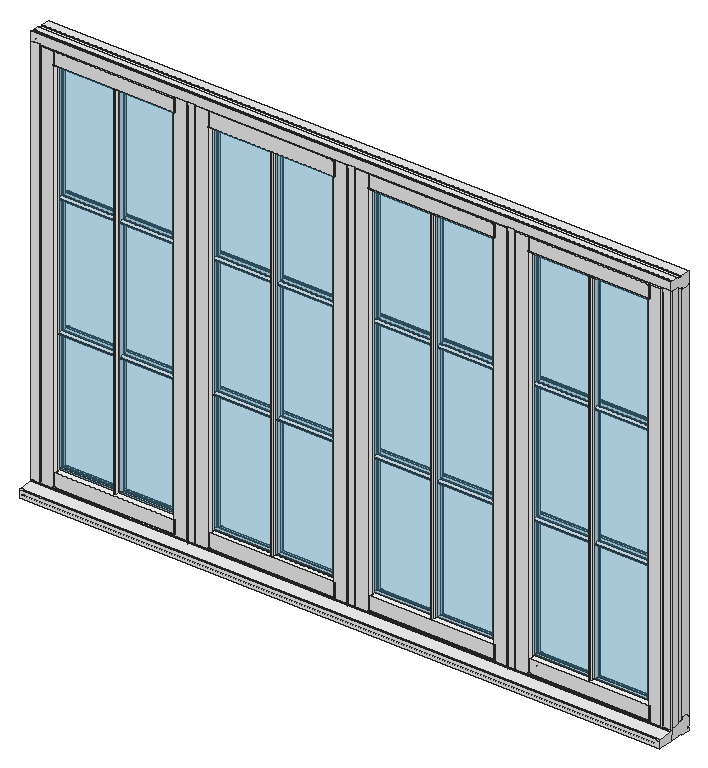
Revit family "C4-6P", category Windows, host Wall, Revit 2012 (continued)
Automatic sketch dimensions
  Sweep 12 sketch curve to Sweep 12 sketch curve = 3 mm  (x6)
  Sweep 12 sketch curve to Sweep 12 sketch curve = 25 mm
  Sweep 12 sketch curve to Sweep 12 sketch curve = 25.006 mm
  Sweep 12 sketch curve to Sweep 12 sketch curve = 32.364 mm
  Sweep 12 sketch curve to Sweep 12 sketch curve = 2 mm  (x2)
  profile plane to Sweep 12 sketch curve = 6 mm
  Sweep 12 sketch curve to profile plane = 17 mm
  Sweep 12 sketch curve to Sweep 12 sketch curve = 0 mm
  Sweep 12 sketch curve to Sweep 12 sketch curve = 6 mm
  Sweep 12 sketch curve to Sweep 12 sketch curve = 10 mm  (x2)
  Sweep 12 sketch curve to Sweep 12 sketch curve = 11 mm
  level to Sweep 12 sketch curve = 909.4 mm
  Sweep 12 sketch curve to Sweep 12 sketch curve = 30 mm
  Sweep 12 sketch curve to Sweep 12 sketch curve = 3.001 mm
  Sweep 12 sketch curve to Sweep 12 sketch curve = 4.022 mm
  Sweep 12 sketch curve to Sweep 12 sketch curve = 5 mm  (x2)
  Sweep 12 sketch curve to Sweep 12 sketch curve = 1 mm  (x2)
  plane 1 "Center (Front/Back)" to Sweep 13 sketch curve = 0 mm
  Sweep 13 sketch curve to plane 4 "Left" = 0 mm
  Sweep 13 sketch curve to plane 5 "Right" = 0 mm
  profile plane to Sweep 13 sketch curve = 58 mm
  Sweep 13 sketch curve to Sweep 13 sketch curve = 11 mm
  Sweep 13 sketch curve to Sweep 13 sketch curve = 3.005 mm
  Sweep 13 sketch curve to Sweep 13 sketch curve = 0.995 mm
  Sweep 13 sketch curve to Sweep 13 sketch curve = 2.995 mm
  Sweep 13 sketch curve to Sweep 13 sketch curve = 6.921 mm
  Sweep 13 sketch curve to Sweep 13 sketch curve = 2.353 mm
  Sweep 13 sketch curve to Sweep 13 sketch curve = 0.647 mm
  profile plane to Sweep 13 sketch curve = 7 mm
  Sweep 13 sketch curve to profile plane = 1 mm
  Sweep 13 sketch curve to Sweep 13 sketch curve = 3 mm  (x3)
  Sweep 13 sketch curve to Sweep 13 sketch curve = 10 mm  (x3)
  Sweep 13 sketch curve to Sweep 13 sketch curve = 4 mm
  Sweep 13 sketch curve to Sweep 13 sketch curve = 16 mm
  level to Sweep 13 sketch curve = 2628.4 mm
  Sweep 13 sketch curve to Sweep 13 sketch curve = 12 mm
  Sweep 13 sketch curve to Sweep 13 sketch curve = 0 mm  (x3)
  Sweep 13 sketch curve to Sweep 13 sketch curve = 8 mm  (x2)
  Sweep 13 sketch curve to Sweep 13 sketch curve = 2.83 mm
  Sweep 13 sketch curve to Sweep 13 sketch curve = 50 mm
  profile plane to Sweep 14 sketch curve = 10 mm  (x2)
  Sweep 14 sketch curve to Sweep 14 sketch curve = 2 mm  (x5)
  profile plane to Sweep 14 sketch curve = 2.5 mm
  profile plane to Sweep 14 sketch curve = 2.449 mm
  profile plane to Sweep 14 sketch curve = 0.964 mm
  Sweep 14 sketch curve to profile plane = 0.964 mm
  Sweep 14 sketch curve to profile plane = 2.5 mm
  Sweep 14 sketch curve to profile plane = 2.551 mm
  Sweep 14 sketch curve to Sweep 14 sketch curve = 7.036 mm
  Sweep 14 sketch curve to profile plane = 10 mm
  Sweep 14 sketch curve to plane 1 "Center (Front/Back)" = 28.711 mm
  Sweep 14 sketch curve to Sweep 14 sketch curve = 7.5 mm
  Sweep 14 sketch curve to Sweep 14 sketch curve = 0.807 mm
  Sweep 14 sketch curve to Sweep 14 sketch curve = 2.5 mm  (x2)
  Sweep 14 sketch curve to Sweep 14 sketch curve = 6 mm
  plane 1 "Center (Front/Back)" to Sweep 14 sketch curve = 15.578 mm
  Sweep 14 sketch curve to Sweep 14 sketch curve = 2.8 mm
  Sweep 14 sketch curve to Sweep 14 sketch curve = 8.154 mm
  Sweep 14 sketch curve to Sweep 14 sketch curve = 0 mm
  profile plane to Sweep 15 sketch curve = 10 mm
  Sweep 15 sketch curve to profile plane = 10 mm
  Sweep 15 sketch curve to plane 1 "Center (Front/Back)" = 5.465 mm
  plane 1 "Center (Front/Back)" to Sweep 15 sketch curve = 10.535 mm
  profile plane to Sweep 16 sketch curve = 21 mm
  Sweep 16 sketch curve to plane 1 "Center (Front/Back)" = 47 mm
  Sweep 16 sketch curve to Sweep 16 sketch curve = 3 mm  (x3)
  Sweep 16 sketch curve to Sweep 16 sketch curve = 10 mm  (x2)
  Sweep 16 sketch curve to Sweep 16 sketch curve = 16 mm  (x2)
  Sweep 16 sketch curve to Sweep 16 sketch curve = 4 mm  (x3)
  Sweep 16 sketch curve to plane 1 "Center (Front/Back)" = 4 mm  (x2)
  Sweep 16 sketch curve to plane 1 "Center (Front/Back)" = 1 mm  (x2)
  plane 1 "Center (Front/Back)" to Sweep 16 sketch curve = 7 mm  (x2)
  Sweep 16 sketch curve to profile plane = 12 mm
  Sweep 16 sketch curve to Sweep 16 sketch curve = 25 mm  (x2)
  Sweep 16 sketch curve to Sweep 16 sketch curve = 2 mm  (x5)
  Sweep 16 sketch curve to Sweep 16 sketch curve = 7 mm  (x2)
  Sweep 16 sketch curve to Sweep 16 sketch curve = 12 mm  (x2)
  profile plane to Sweep 16 sketch curve = 14 mm
  Sweep 16 sketch curve to Sweep 16 sketch curve = 6 mm  (x3)
  Sweep 16 sketch curve to Sweep 16 sketch curve = 8 mm  (x2)
  Sweep 16 sketch curve to Sweep 16 sketch curve = 1 mm  (x3)
  Sweep 16 sketch curve to profile plane = 14 mm
  Sweep 16 sketch curve to Sweep 16 sketch curve = 0 mm
  Sweep 16 sketch curve to profile plane = 21 mm
  Sweep 17 sketch curve to profile plane = 21 mm
  Sweep 17 sketch curve to plane 1 "Center (Front/Back)" = 47 mm
  Sweep 17 sketch curve to Sweep 17 sketch curve = 3 mm  (x3)
  Sweep 17 sketch curve to Sweep 17 sketch curve = 10 mm  (x2)
  Sweep 17 sketch curve to Sweep 17 sketch curve = 16 mm  (x2)
  Sweep 17 sketch curve to Sweep 17 sketch curve = 4 mm  (x3)
  Sweep 17 sketch curve to plane 1 "Center (Front/Back)" = 4 mm  (x2)
  Sweep 17 sketch curve to plane 1 "Center (Front/Back)" = 1 mm  (x2)
  plane 1 "Center (Front/Back)" to Sweep 17 sketch curve = 7 mm  (x2)
  profile plane to Sweep 17 sketch curve = 12 mm
  Sweep 17 sketch curve to Sweep 17 sketch curve = 25 mm  (x2)
  Sweep 17 sketch curve to Sweep 17 sketch curve = 2 mm  (x5)
  Sweep 17 sketch curve to Sweep 17 sketch curve = 7 mm  (x2)
  Sweep 17 sketch curve to Sweep 17 sketch curve = 0 mm  (x2)
  Sweep 17 sketch curve to Sweep 17 sketch curve = 6 mm  (x2)
  profile plane to Sweep 17 sketch curve = 21 mm
  Sweep 17 sketch curve to Sweep 17 sketch curve = 8 mm  (x3)
  Sweep 17 sketch curve to Sweep 17 sketch curve = 12 mm
  Sweep 17 sketch curve to Sweep 17 sketch curve = 1 mm  (x3)
  Sweep 17 sketch curve to profile plane = 11 mm
  Sweep 17 sketch curve to profile plane = 14 mm
  Sweep 18 sketch curve to profile plane = 21 mm
  Sweep 18 sketch curve to plane 1 "Center (Front/Back)" = 47 mm
  Sweep 18 sketch curve to Sweep 18 sketch curve = 3 mm  (x3)
  Sweep 18 sketch curve to Sweep 18 sketch curve = 10 mm  (x2)
  Sweep 18 sketch curve to Sweep 18 sketch curve = 16 mm  (x2)
  Sweep 18 sketch curve to Sweep 18 sketch curve = 4 mm  (x3)
  Sweep 18 sketch curve to plane 1 "Center (Front/Back)" = 4 mm  (x2)
  Sweep 18 sketch curve to plane 1 "Center (Front/Back)" = 1 mm  (x2)
  plane 1 "Center (Front/Back)" to Sweep 18 sketch curve = 7 mm  (x2)
  profile plane to Sweep 18 sketch curve = 12 mm
  Sweep 18 sketch curve to Sweep 18 sketch curve = 25 mm  (x2)
  Sweep 18 sketch curve to Sweep 18 sketch curve = 2 mm  (x5)
  Sweep 18 sketch curve to Sweep 18 sketch curve = 7 mm  (x2)
  Sweep 18 sketch curve to Sweep 18 sketch curve = 0 mm  (x2)
  Sweep 18 sketch curve to Sweep 18 sketch curve = 6 mm  (x2)
  profile plane to Sweep 18 sketch curve = 21 mm
  Sweep 18 sketch curve to Sweep 18 sketch curve = 8 mm  (x3)
  Sweep 18 sketch curve to Sweep 18 sketch curve = 12 mm
  Sweep 18 sketch curve to Sweep 18 sketch curve = 1 mm  (x3)
  Sweep 18 sketch curve to profile plane = 11 mm
  Sweep 18 sketch curve to profile plane = 14 mm
  Sweep 19 sketch curve to plane 6 "Sill" = 0 mm
  Sweep 19 sketch curve to plane 12 = 0 mm
  Sweep 19 sketch curve to profile plane = 0 mm
  profile plane to Sweep 19 sketch curve = 3 mm  (x2)
  profile plane to Sweep 19 sketch curve = 8 mm  (x2)
  Sweep 19 sketch curve to Sweep 19 sketch curve = 2 mm  (x3)
  Sweep 19 sketch curve to Sweep 19 sketch curve = 3 mm
  Sweep 19 sketch curve to Sweep 19 sketch curve = 42 mm
  Sweep 19 sketch curve to Sweep 19 sketch curve = 6 mm
  Sweep 19 sketch curve to Sweep 19 sketch curve = 10 mm
  Sweep 19 sketch curve to plane 1 "Center (Front/Back)" = 13 mm
  plane 1 "Center (Front/Back)" to Sweep 19 sketch curve = 6 mm
  Sweep 19 sketch curve to Sweep 19 sketch curve = 18 mm
  plane 1 "Center (Front/Back)" to Sweep 19 sketch curve = 35 mm
  Sweep 19 sketch curve to Sweep 19 sketch curve = 11 mm
  Sweep 20 sketch curve to plane 6 "Sill" = 0 mm
  Sweep 20 sketch curve to profile plane = 0 mm
  Sweep 20 sketch curve to profile plane = 3 mm
  Sweep 20 sketch curve to Sweep 20 sketch curve = 0 mm
  Sweep 20 sketch curve to profile plane = 8 mm
  Sweep 20 sketch curve to Sweep 20 sketch curve = 5 mm
  Sweep 20 sketch curve to Sweep 20 sketch curve = 2 mm  (x3)
  Sweep 20 sketch curve to Sweep 20 sketch curve = 3 mm
  Sweep 20 sketch curve to plane 1 "Center (Front/Back)" = 13 mm
  Sweep 20 sketch curve to Sweep 20 sketch curve = 41 mm
  Sweep 20 sketch curve to Sweep 20 sketch curve = 6 mm
  Sweep 20 sketch curve to Sweep 20 sketch curve = 10 mm
  plane 1 "Center (Front/Back)" to Sweep 20 sketch curve = 6 mm
  Sweep 20 sketch curve to Sweep 20 sketch curve = 18 mm
  plane 1 "Center (Front/Back)" to Sweep 20 sketch curve = 35 mm
  Sweep 20 sketch curve to Sweep 20 sketch curve = 11 mm
  Sweep 21 sketch curve to plane 6 "Sill" = 0 mm
  Sweep 21 sketch curve to plane 12 = 0 mm
  Sweep 21 sketch curve to profile plane = 0 mm
  profile plane to Sweep 21 sketch curve = 3 mm  (x2)
  profile plane to Sweep 21 sketch curve = 8 mm  (x2)
  Sweep 21 sketch curve to Sweep 21 sketch curve = 2 mm  (x3)
  Sweep 21 sketch curve to Sweep 21 sketch curve = 3 mm
  Sweep 21 sketch curve to Sweep 21 sketch curve = 42 mm
  Sweep 21 sketch curve to Sweep 21 sketch curve = 6 mm
  Sweep 21 sketch curve to Sweep 21 sketch curve = 10 mm
  Sweep 21 sketch curve to plane 1 "Center (Front/Back)" = 13 mm
  plane 1 "Center (Front/Back)" to Sweep 21 sketch curve = 6 mm
  Sweep 21 sketch curve to Sweep 21 sketch curve = 18 mm
  plane 1 "Center (Front/Back)" to Sweep 21 sketch curve = 35 mm
  Sweep 21 sketch curve to Sweep 21 sketch curve = 11 mm
  plane 23 to Sweep 22 sketch curve = 52 mm
  profile plane to Sweep 22 sketch curve = 0 mm
  Sweep 22 sketch curve to profile plane = 3 mm
  Sweep 22 sketch curve to Sweep 22 sketch curve = 0 mm
  Sweep 22 sketch curve to profile plane = 12 mm
  Sweep 22 sketch curve to Sweep 22 sketch curve = 9 mm
  Sweep 22 sketch curve to Sweep 22 sketch curve = 2 mm  (x3)
  Sweep 22 sketch curve to Sweep 22 sketch curve = 3 mm
  Sweep 22 sketch curve to plane 1 "Center (Front/Back)" = 13.5 mm
  Sweep 22 sketch curve to Sweep 22 sketch curve = 41 mm
  Sweep 22 sketch curve to Sweep 22 sketch curve = 6 mm
  Sweep 22 sketch curve to Sweep 22 sketch curve = 10 mm
  plane 1 "Center (Front/Back)" to Sweep 22 sketch curve = 5.5 mm
  Sweep 22 sketch curve to Sweep 22 sketch curve = 18 mm
  plane 1 "Center (Front/Back)" to Sweep 22 sketch curve = 34.5 mm
  Sweep 22 sketch curve to Sweep 22 sketch curve = 11 mm
  Sweep 23 sketch curve to plane 24 = 52 mm
  profile plane to Sweep 23 sketch curve = 0 mm
  Sweep 23 sketch curve to profile plane = 3 mm
  Sweep 23 sketch curve to Sweep 23 sketch curve = 0 mm
  Sweep 23 sketch curve to profile plane = 12 mm
  Sweep 23 sketch curve to Sweep 23 sketch curve = 9 mm
  Sweep 23 sketch curve to Sweep 23 sketch curve = 2 mm  (x3)
  Sweep 23 sketch curve to Sweep 23 sketch curve = 3 mm
  Sweep 23 sketch curve to plane 1 "Center (Front/Back)" = 13.5 mm
  Sweep 23 sketch curve to Sweep 23 sketch curve = 41 mm
  Sweep 23 sketch curve to Sweep 23 sketch curve = 6 mm
  Sweep 23 sketch curve to Sweep 23 sketch curve = 10 mm
  plane 1 "Center (Front/Back)" to Sweep 23 sketch curve = 5.5 mm
  Sweep 23 sketch curve to Sweep 23 sketch curve = 18 mm
  plane 1 "Center (Front/Back)" to Sweep 23 sketch curve = 34.5 mm
  Sweep 23 sketch curve to Sweep 23 sketch curve = 11 mm
  Sweep 24 sketch curve to plane 25 = 52 mm
  Sweep 24 sketch curve to profile plane = 0 mm
  profile plane to Sweep 24 sketch curve = 3 mm  (x2)
  profile plane to Sweep 24 sketch curve = 12 mm  (x2)
  Sweep 24 sketch curve to Sweep 24 sketch curve = 2 mm  (x3)
  Sweep 24 sketch curve to Sweep 24 sketch curve = 3 mm
  Sweep 24 sketch curve to Sweep 24 sketch curve = 42 mm
  Sweep 24 sketch curve to Sweep 24 sketch curve = 6 mm
  Sweep 24 sketch curve to Sweep 24 sketch curve = 10 mm
  Sweep 24 sketch curve to plane 1 "Center (Front/Back)" = 13.5 mm
  plane 1 "Center (Front/Back)" to Sweep 24 sketch curve = 5.5 mm
  Sweep 24 sketch curve to Sweep 24 sketch curve = 18 mm
  plane 1 "Center (Front/Back)" to Sweep 24 sketch curve = 34.5 mm
  Sweep 24 sketch curve to Sweep 24 sketch curve = 11 mm
  Sweep 25 sketch curve to plane 23 = 58 mm
  profile plane to Sweep 25 sketch curve = 6 mm
  profile plane to Sweep 25 sketch curve = 1 mm
  Sweep 25 sketch curve to profile plane = 6 mm
  plane 1 "Center (Front/Back)" to Sweep 25 sketch curve = 1 mm
  Sweep 25 sketch curve to Sweep 25 sketch curve = 1 mm  (x2)
  plane 1 "Center (Front/Back)" to Sweep 25 sketch curve = 5 mm
  Sweep 25 sketch curve to Sweep 25 sketch curve = 4 mm
  Sweep 25 sketch curve to Sweep 25 sketch curve = 3 mm
  plane 1 "Center (Front/Back)" to Sweep 25 sketch curve = 9 mm
  Sweep 26 sketch curve to plane 25 = 58 mm
  profile plane to Sweep 26 sketch curve = 6 mm
  profile plane to Sweep 26 sketch curve = 1 mm
  Sweep 26 sketch curve to profile plane = 6 mm
  plane 1 "Center (Front/Back)" to Sweep 26 sketch curve = 1 mm
  Sweep 26 sketch curve to Sweep 26 sketch curve = 1 mm  (x2)
  plane 1 "Center (Front/Back)" to Sweep 26 sketch curve = 5 mm
  Sweep 26 sketch curve to Sweep 26 sketch curve = 4 mm
  Sweep 26 sketch curve to Sweep 26 sketch curve = 3 mm
  plane 1 "Center (Front/Back)" to Sweep 26 sketch curve = 9 mm
  plane 24 to Sweep 27 sketch curve = 58 mm
  profile plane to Sweep 27 sketch curve = 6 mm
  profile plane to Sweep 27 sketch curve = 1 mm
  Sweep 27 sketch curve to profile plane = 6 mm
  plane 1 "Center (Front/Back)" to Sweep 27 sketch curve = 1 mm
  Sweep 27 sketch curve to Sweep 27 sketch curve = 1 mm  (x2)
  plane 1 "Center (Front/Back)" to Sweep 27 sketch curve = 5 mm
  Sweep 27 sketch curve to Sweep 27 sketch curve = 4 mm
  Sweep 27 sketch curve to Sweep 27 sketch curve = 3 mm
  plane 1 "Center (Front/Back)" to Sweep 27 sketch curve = 9 mm
  plane 25 to Sweep 28 sketch curve = 58 mm
  profile plane to Sweep 28 sketch curve = 4 mm
  Sweep 28 sketch curve to profile plane = 6 mm
  plane 1 "Center (Front/Back)" to Sweep 28 sketch curve = 13.165 mm
  Sweep 28 sketch curve to Sweep 28 sketch curve = 16 mm
  plane 23 to Sweep 29 sketch curve = 58 mm
  profile plane to Sweep 29 sketch curve = 4 mm
  Sweep 29 sketch curve to profile plane = 6 mm
  profile plane to Sweep 29 sketch curve = 13.165 mm
  Sweep 29 sketch curve to Sweep 29 sketch curve = 16 mm
  Sweep 30 sketch curve to plane 22 = 58 mm
  profile plane to Sweep 30 sketch curve = 4 mm
  Sweep 30 sketch curve to profile plane = 6 mm
  plane 1 "Center (Front/Back)" to Sweep 30 sketch curve = 13.165 mm
  Sweep 30 sketch curve to Sweep 30 sketch curve = 16 mm
  Sweep 31 sketch curve to profile plane = 2.5 mm
  Sweep 31 sketch curve to plane 1 "Center (Front/Back)" = 12.461 mm
  Sweep 31 sketch curve to Sweep 31 sketch curve = 2 mm  (x5)
  Sweep 31 sketch curve to plane 1 "Center (Front/Back)" = 2.961 mm  (x2)
  Sweep 31 sketch curve to profile plane = 0.964 mm
  Sweep 31 sketch curve to plane 1 "Center (Front/Back)" = 2.154 mm
  profile plane to Sweep 31 sketch curve = 0.964 mm
  Sweep 31 sketch curve to Sweep 31 sketch curve = 0 mm  (x2)
  Sweep 31 sketch curve to plane 1 "Center (Front/Back)" = 0.461 mm  (x2)
  plane 1 "Center (Front/Back)" to Sweep 31 sketch curve = 5.539 mm
  Sweep 31 sketch curve to profile plane = 10 mm
  Sweep 31 sketch curve to Sweep 31 sketch curve = 26.289 mm
  Sweep 31 sketch curve to Sweep 31 sketch curve = 2.8 mm
  Sweep 31 sketch curve to profile plane = 2.551 mm
  Sweep 31 sketch curve to Sweep 31 sketch curve = 8.154 mm
  profile plane to Sweep 31 sketch curve = 2.449 mm
  profile plane to Sweep 31 sketch curve = 2.5 mm
  profile plane to Sweep 31 sketch curve = 10 mm
  profile plane to Sweep 32 sketch curve = 10 mm
  Sweep 32 sketch curve to profile plane = 10 mm
  plane 1 "Center (Front/Back)" to Sweep 32 sketch curve = 11.41 mm
  Sweep 32 sketch curve to Sweep 32 sketch curve = 16 mm
  Sweep 33 sketch curve to profile plane = 2.5 mm
  Sweep 33 sketch curve to plane 1 "Center (Front/Back)" = 12.461 mm
  Sweep 33 sketch curve to Sweep 33 sketch curve = 2 mm  (x5)
  Sweep 33 sketch curve to plane 1 "Center (Front/Back)" = 2.961 mm  (x2)
  Sweep 33 sketch curve to profile plane = 0.964 mm
  Sweep 33 sketch curve to plane 1 "Center (Front/Back)" = 2.154 mm
  profile plane to Sweep 33 sketch curve = 0.964 mm
  Sweep 33 sketch curve to Sweep 33 sketch curve = 0 mm  (x2)
  Sweep 33 sketch curve to plane 1 "Center (Front/Back)" = 0.461 mm  (x2)
  plane 1 "Center (Front/Back)" to Sweep 33 sketch curve = 5.539 mm
  Sweep 33 sketch curve to profile plane = 10 mm
  Sweep 33 sketch curve to Sweep 33 sketch curve = 26.289 mm
  Sweep 33 sketch curve to Sweep 33 sketch curve = 2.8 mm
  Sweep 33 sketch curve to profile plane = 2.551 mm
  Sweep 33 sketch curve to Sweep 33 sketch curve = 8.154 mm
  profile plane to Sweep 33 sketch curve = 2.449 mm
  profile plane to Sweep 33 sketch curve = 2.5 mm
  profile plane to Sweep 33 sketch curve = 10 mm
  profile plane to Sweep 34 sketch curve = 10 mm
  Sweep 34 sketch curve to profile plane = 10 mm
  plane 1 "Center (Front/Back)" to Sweep 34 sketch curve = 11.41 mm
  Sweep 34 sketch curve to Sweep 34 sketch curve = 16 mm
  Sweep 35 sketch curve to profile plane = 2.5 mm
  Sweep 35 sketch curve to plane 1 "Center (Front/Back)" = 12.461 mm
  Sweep 35 sketch curve to Sweep 35 sketch curve = 2 mm  (x5)
  Sweep 35 sketch curve to plane 1 "Center (Front/Back)" = 2.961 mm  (x2)
  Sweep 35 sketch curve to profile plane = 0.964 mm
  Sweep 35 sketch curve to plane 1 "Center (Front/Back)" = 2.154 mm
  profile plane to Sweep 35 sketch curve = 0.964 mm
  Sweep 35 sketch curve to Sweep 35 sketch curve = 0 mm  (x2)
  Sweep 35 sketch curve to plane 1 "Center (Front/Back)" = 0.461 mm  (x2)
  plane 1 "Center (Front/Back)" to Sweep 35 sketch curve = 5.539 mm
  Sweep 35 sketch curve to profile plane = 10 mm
  Sweep 35 sketch curve to Sweep 35 sketch curve = 26.289 mm
  Sweep 35 sketch curve to Sweep 35 sketch curve = 2.8 mm
  Sweep 35 sketch curve to profile plane = 2.551 mm
  Sweep 35 sketch curve to Sweep 35 sketch curve = 8.154 mm
  profile plane to Sweep 35 sketch curve = 2.449 mm
  profile plane to Sweep 35 sketch curve = 2.5 mm
  profile plane to Sweep 35 sketch curve = 10 mm
  profile plane to Sweep 36 sketch curve = 10 mm
  Sweep 36 sketch curve to profile plane = 10 mm
  plane 1 "Center (Front/Back)" to Sweep 36 sketch curve = 11.41 mm
  Sweep 36 sketch curve to Sweep 36 sketch curve = 16 mm
  Sweep 37 sketch curve to profile plane = 2.5 mm
  Sweep 37 sketch curve to plane 1 "Center (Front/Back)" = 12.461 mm
  Sweep 37 sketch curve to Sweep 37 sketch curve = 2 mm  (x5)
  Sweep 37 sketch curve to plane 1 "Center (Front/Back)" = 2.961 mm  (x2)
  Sweep 37 sketch curve to profile plane = 0.964 mm
  Sweep 37 sketch curve to plane 1 "Center (Front/Back)" = 2.154 mm
  profile plane to Sweep 37 sketch curve = 0.964 mm
  Sweep 37 sketch curve to Sweep 37 sketch curve = 0 mm  (x2)
  Sweep 37 sketch curve to plane 1 "Center (Front/Back)" = 0.461 mm  (x2)
  plane 1 "Center (Front/Back)" to Sweep 37 sketch curve = 5.539 mm
  Sweep 37 sketch curve to profile plane = 10 mm
  Sweep 37 sketch curve to Sweep 37 sketch curve = 26.289 mm
  Sweep 37 sketch curve to Sweep 37 sketch curve = 2.8 mm
  Sweep 37 sketch curve to profile plane = 2.551 mm
  Sweep 37 sketch curve to Sweep 37 sketch curve = 8.154 mm
  profile plane to Sweep 37 sketch curve = 2.449 mm
  profile plane to Sweep 37 sketch curve = 2.5 mm
  profile plane to Sweep 37 sketch curve = 10 mm
  profile plane to Sweep 38 sketch curve = 10 mm
  Sweep 38 sketch curve to profile plane = 10 mm
  plane 1 "Center (Front/Back)" to Sweep 38 sketch curve = 11.41 mm
  Sweep 38 sketch curve to Sweep 38 sketch curve = 16 mm
  Sweep 39 sketch curve to profile plane = 0 mm
  profile plane to Sweep 39 sketch curve = 3 mm  (x2)
  profile plane to Sweep 39 sketch curve = 8 mm  (x2)
  Sweep 39 sketch curve to Sweep 39 sketch curve = 2 mm  (x3)
  Sweep 39 sketch curve to Sweep 39 sketch curve = 3 mm
  Sweep 39 sketch curve to Sweep 39 sketch curve = 42 mm
  Sweep 39 sketch curve to Sweep 39 sketch curve = 6 mm
  Sweep 39 sketch curve to Sweep 39 sketch curve = 10 mm
  Sweep 39 sketch curve to plane 1 "Center (Front/Back)" = 13 mm
  plane 1 "Center (Front/Back)" to Sweep 39 sketch curve = 6 mm
  Sweep 39 sketch curve to Sweep 39 sketch curve = 18 mm
  plane 1 "Center (Front/Back)" to Sweep 39 sketch curve = 35 mm
  Sweep 39 sketch curve to Sweep 39 sketch curve = 11 mm
  Sweep 40 sketch curve to profile plane = 0 mm
  Sweep 40 sketch curve to profile plane = 3 mm
  Sweep 40 sketch curve to Sweep 40 sketch curve = 0 mm
  Sweep 40 sketch curve to profile plane = 12 mm
  Sweep 40 sketch curve to Sweep 40 sketch curve = 9 mm
  Sweep 40 sketch curve to Sweep 40 sketch curve = 2 mm  (x3)
  Sweep 40 sketch curve to Sweep 40 sketch curve = 3 mm
  Sweep 40 sketch curve to plane 1 "Center (Front/Back)" = 13.5 mm
  Sweep 40 sketch curve to Sweep 40 sketch curve = 41 mm
  Sweep 40 sketch curve to Sweep 40 sketch curve = 6 mm
  Sweep 40 sketch curve to Sweep 40 sketch curve = 10 mm
  plane 1 "Center (Front/Back)" to Sweep 40 sketch curve = 5.5 mm
  Sweep 40 sketch curve to Sweep 40 sketch curve = 18 mm
  plane 1 "Center (Front/Back)" to Sweep 40 sketch curve = 34.5 mm
  Sweep 40 sketch curve to Sweep 40 sketch curve = 11 mm
  plane 15 to Sweep 41 sketch curve = 0 mm
  Sweep 41 sketch curve to plane 14 = 0 mm
  profile plane to Sweep 41 sketch curve = 10 mm  (x2)
  Sweep 41 sketch curve to Sweep 41 sketch curve = 2 mm  (x5)
  profile plane to Sweep 41 sketch curve = 2.551 mm
  profile plane to Sweep 41 sketch curve = 2.5 mm
  profile plane to Sweep 41 sketch curve = 0.964 mm
  Sweep 41 sketch curve to profile plane = 0.964 mm
  Sweep 41 sketch curve to profile plane = 2.449 mm
  Sweep 41 sketch curve to profile plane = 2.5 mm
  Sweep 41 sketch curve to Sweep 41 sketch curve = 7.036 mm
  Sweep 41 sketch curve to profile plane = 10 mm
  Sweep 41 sketch curve to plane 1 "Center (Front/Back)" = 28.711 mm
  Sweep 41 sketch curve to Sweep 41 sketch curve = 7.5 mm
  Sweep 41 sketch curve to Sweep 41 sketch curve = 0.807 mm
  Sweep 41 sketch curve to Sweep 41 sketch curve = 2.5 mm  (x2)
  Sweep 41 sketch curve to Sweep 41 sketch curve = 6 mm
  plane 1 "Center (Front/Back)" to Sweep 41 sketch curve = 15.578 mm
  Sweep 41 sketch curve to Sweep 41 sketch curve = 2.8 mm
  Sweep 41 sketch curve to Sweep 41 sketch curve = 8.154 mm
  Sweep 41 sketch curve to Sweep 41 sketch curve = 0 mm
  plane 15 to Sweep 42 sketch curve = 0 mm
  Sweep 42 sketch curve to plane 14 = 0 mm
  profile plane to Sweep 42 sketch curve = 10 mm
  Sweep 42 sketch curve to profile plane = 10 mm
  Sweep 42 sketch curve to plane 1 "Center (Front/Back)" = 5.465 mm
  plane 1 "Center (Front/Back)" to Sweep 42 sketch curve = 10.535 mm
  Sweep 43 sketch curve to plane 6 "Sill" = 0 mm
  Sweep 43 sketch curve to profile plane = 0 mm
  profile plane to Sweep 43 sketch curve = 3 mm  (x2)
  profile plane to Sweep 43 sketch curve = 8 mm  (x2)
  Sweep 43 sketch curve to Sweep 43 sketch curve = 2 mm  (x3)
  Sweep 43 sketch curve to Sweep 43 sketch curve = 3 mm
  Sweep 43 sketch curve to Sweep 43 sketch curve = 42 mm
  Sweep 43 sketch curve to Sweep 43 sketch curve = 6 mm
  Sweep 43 sketch curve to Sweep 43 sketch curve = 10 mm
  Sweep 43 sketch curve to plane 1 "Center (Front/Back)" = 13 mm
  plane 1 "Center (Front/Back)" to Sweep 43 sketch curve = 6 mm
  Sweep 43 sketch curve to Sweep 43 sketch curve = 18 mm
  plane 1 "Center (Front/Back)" to Sweep 43 sketch curve = 35 mm
  Sweep 43 sketch curve to Sweep 43 sketch curve = 11 mm
  Sweep 44 sketch curve to profile plane = 0 mm
  Sweep 44 sketch curve to profile plane = 3 mm
  Sweep 44 sketch curve to Sweep 44 sketch curve = 0 mm
  Sweep 44 sketch curve to profile plane = 8 mm
  Sweep 44 sketch curve to Sweep 44 sketch curve = 5 mm
  Sweep 44 sketch curve to Sweep 44 sketch curve = 2 mm  (x3)
  Sweep 44 sketch curve to Sweep 44 sketch curve = 3 mm
  Sweep 44 sketch curve to plane 1 "Center (Front/Back)" = 13.5 mm
  Sweep 44 sketch curve to Sweep 44 sketch curve = 41 mm
  Sweep 44 sketch curve to Sweep 44 sketch curve = 6 mm
  Sweep 44 sketch curve to Sweep 44 sketch curve = 10 mm
  plane 1 "Center (Front/Back)" to Sweep 44 sketch curve = 5.5 mm
  Sweep 44 sketch curve to Sweep 44 sketch curve = 18 mm
  plane 1 "Center (Front/Back)" to Sweep 44 sketch curve = 34.5 mm
  Sweep 44 sketch curve to Sweep 44 sketch curve = 11 mm
  Sweep 45 sketch curve to plane 6 "Sill" = 0 mm
  Sweep 45 sketch curve to plane 12 = 0 mm
  Sweep 45 sketch curve to profile plane = 0 mm
  Sweep 45 sketch curve to profile plane = 3 mm
  Sweep 45 sketch curve to Sweep 45 sketch curve = 0 mm
  Sweep 45 sketch curve to profile plane = 8 mm
  Sweep 45 sketch curve to Sweep 45 sketch curve = 5 mm
  Sweep 45 sketch curve to Sweep 45 sketch curve = 2 mm  (x3)
  Sweep 45 sketch curve to Sweep 45 sketch curve = 3 mm
  Sweep 45 sketch curve to plane 1 "Center (Front/Back)" = 13 mm
  Sweep 45 sketch curve to Sweep 45 sketch curve = 41 mm
  Sweep 45 sketch curve to Sweep 45 sketch curve = 6 mm
  Sweep 45 sketch curve to Sweep 45 sketch curve = 10 mm
  plane 1 "Center (Front/Back)" to Sweep 45 sketch curve = 6 mm
  Sweep 45 sketch curve to Sweep 45 sketch curve = 18 mm
  plane 1 "Center (Front/Back)" to Sweep 45 sketch curve = 35 mm
  Sweep 45 sketch curve to Sweep 45 sketch curve = 11 mm
  Sweep 46 sketch curve to profile plane = 0 mm
  Sweep 46 sketch curve to profile plane = 3 mm
  Sweep 46 sketch curve to Sweep 46 sketch curve = 0 mm
  Sweep 46 sketch curve to profile plane = 8 mm
  Sweep 46 sketch curve to Sweep 46 sketch curve = 5 mm
  Sweep 46 sketch curve to Sweep 46 sketch curve = 2 mm  (x3)
  Sweep 46 sketch curve to Sweep 46 sketch curve = 3 mm
  Sweep 46 sketch curve to plane 1 "Center (Front/Back)" = 13.5 mm
  Sweep 46 sketch curve to Sweep 46 sketch curve = 41 mm
  Sweep 46 sketch curve to Sweep 46 sketch curve = 6 mm
  Sweep 46 sketch curve to Sweep 46 sketch curve = 10 mm
  plane 1 "Center (Front/Back)" to Sweep 46 sketch curve = 5.5 mm
  Sweep 46 sketch curve to Sweep 46 sketch curve = 18 mm
  plane 1 "Center (Front/Back)" to Sweep 46 sketch curve = 34.5 mm
  Sweep 46 sketch curve to Sweep 46 sketch curve = 11 mm
  Sweep 47 sketch curve to plane 12 = 0 mm
  Sweep 47 sketch curve to plane 6 "Sill" = 0 mm
  Sweep 47 sketch curve to profile plane = 0 mm
  Sweep 47 sketch curve to profile plane = 3 mm
  Sweep 47 sketch curve to Sweep 47 sketch curve = 0 mm
  Sweep 47 sketch curve to profile plane = 8 mm
  Sweep 47 sketch curve to Sweep 47 sketch curve = 5 mm
  Sweep 47 sketch curve to Sweep 47 sketch curve = 2 mm  (x3)
  Sweep 47 sketch curve to Sweep 47 sketch curve = 3 mm
  Sweep 47 sketch curve to plane 1 "Center (Front/Back)" = 13 mm
  Sweep 47 sketch curve to Sweep 47 sketch curve = 41 mm
  Sweep 47 sketch curve to Sweep 47 sketch curve = 6 mm
  Sweep 47 sketch curve to Sweep 47 sketch curve = 10 mm
  plane 1 "Center (Front/Back)" to Sweep 47 sketch curve = 6 mm
  Sweep 47 sketch curve to Sweep 47 sketch curve = 18 mm
  plane 1 "Center (Front/Back)" to Sweep 47 sketch curve = 35 mm
  Sweep 47 sketch curve to Sweep 47 sketch curve = 11 mm
  Sweep 48 sketch curve to profile plane = 0 mm
  Sweep 48 sketch curve to profile plane = 3 mm
  Sweep 48 sketch curve to Sweep 48 sketch curve = 0 mm
  Sweep 48 sketch curve to profile plane = 8 mm
  Sweep 48 sketch curve to Sweep 48 sketch curve = 5 mm
  Sweep 48 sketch curve to Sweep 48 sketch curve = 2 mm  (x3)
  Sweep 48 sketch curve to Sweep 48 sketch curve = 3 mm
  Sweep 48 sketch curve to plane 1 "Center (Front/Back)" = 13.5 mm
  Sweep 48 sketch curve to Sweep 48 sketch curve = 41 mm
  Sweep 48 sketch curve to Sweep 48 sketch curve = 6 mm
  Sweep 48 sketch curve to Sweep 48 sketch curve = 10 mm
  plane 1 "Center (Front/Back)" to Sweep 48 sketch curve = 5.5 mm
  Sweep 48 sketch curve to Sweep 48 sketch curve = 18 mm
  plane 1 "Center (Front/Back)" to Sweep 48 sketch curve = 34.5 mm
  Sweep 48 sketch curve to Sweep 48 sketch curve = 11 mm
  plane 14 to Sweep 44 sketch curve = 6 mm
  plane 22 to Sweep 44 sketch curve = 52 mm
  Sweep 46 sketch curve to plane 23 = 52 mm
  plane 26 to Sweep 46 sketch curve = 52 mm
  plane 25 to Sweep 40 sketch curve = 52 mm
  plane 27 to Sweep 40 sketch curve = 52 mm
  plane 24 to Sweep 48 sketch curve = 52 mm
  plane 15 to Sweep 48 sketch curve = 6 mm
  plane 14 to Sweep 7 sketch curve = 6 mm
  Sweep 22 sketch curve to plane 26 = 52 mm
  Sweep 24 sketch curve to plane 27 = 52 mm
  Sweep 23 sketch curve to plane 15 = 6 mm
